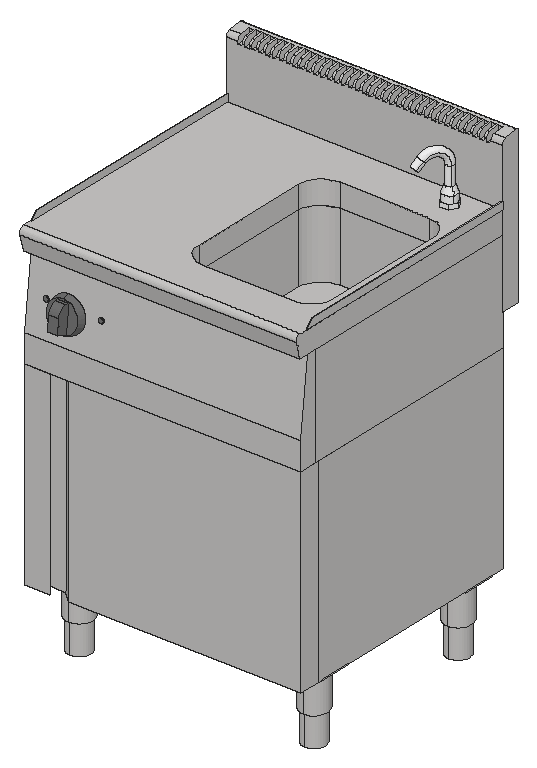
Revit family "QF_GIORIK_LCP6713", category Specialty Equipment, Revit 2014
Parameters (values of type "LCP6713")
  Weight in Pounds = 103.6171
  Watts = 5500 W
  Waste Water Discharge Temperature [instance] = 0 °C
  Volts = 400 V
  URL Cutsheet = "www.giorik.com"
  URL = "www.giorik.com"
  Status [instance] = ""
  Specification by User [instance] = ""
  Specification by Manufacturer = ""
  Show Logo [instance] = yes
  Show Clearance [instance] = yes
  Serial Number = ""
  Seismic Rating = ""
  SMACNA No = ""
  Revision Code [instance] = ""
  Plumbing Remarks [instance] = ""
  Plumbing Connection Type [instance] = ""
  Phase = 3
  Number of Poles [instance] = 3
  NAFEM Spec ID Number = ""
  Model = "LCP6713"
  Min Ckt Ampacity = 0 A
  Max Overcurrent Protection = 0 A
  Masterspec = ""
  Manufacturer = "GIORIK"
  Item Number [instance] = ""
  Installed By [instance] = ""
  Indirect Waste Size = 0"
  Indirect Waste Flow = 0.0 L/s
  Indirect Waste Connection Type [instance] = ""
  Indirect Waste Connection Height [instance] = 0 mm
  Identify Quantity as Lot [instance] = no
  HP = "7.375610000000"
  Furnished By [instance] = ""
  Foodservice Equipment Identifier [instance] = yes
  FL Amps = 0 A
  Electrical Remarks [instance] = ""
  Electric Connection Type [instance] = ""
  Elec Conn RI Height [instance] = 0 mm
  Elec Conn Connection Height [instance] = 605 mm
  Description = "PASTACOOKER ELECTRIC 26 LT"
  Cycle = 50 Hz
  Conn Plug = ""
  Conn Conduit [instance] = no
  CSI MasterFormat = ""
  Assembly Code = "E1090320"
  Apparent Power = 5500 VA
Reference planes
  plane 1 "Back": y = 0
  plane 2: z = 0
  plane 3 "Left": x = 0
  plane 4 "Right": x = 600
  plane 5 "Front": y = -600
  plane 6 "Top": z = 990
Forms (mm)
  Extrusion 1, solid
    sketch origin (0, 1000, -20) x (0, 1, 0) y (0, 0, 1)
      loop
        line (-1040.007, 869.975) -> (-1589.445, 869.975)
        arc (-1589.445, 869.975) -> (-1598.171, 865.672) -> (-1600.069, 856.13) r 10.999
        line (-1600.069, 856.13) -> (-1590.388, 820) -> (-1040.007, 820) -> (-1040.007, 869.975)
    from 0 to 600
  Extrusion 2, solid
    sketch origin (0, 0, 0) x (0, 1, 0) y (0, 0, 1)
      loop
        line (-570.06, 849.975) -> (-40.007, 849.975) -> (-40.007, 864.975) -> (-555.06, 864.975) -> (-570.06, 849.975)
    from 0 to 1.85
  Extrusion 3, solid
    sketch origin (0, 0, 0) x (0, 1, 0) y (0, 0, 1)
      loop
        line (-40.007, 800) -> (-550, 800) -> (-550, 580) -> (-40.007, 580) -> (-40.007, 800)
    from 0 to 600
  Extrusion 4, solid
    sketch origin (0, 0, 0) x (0, 1, 0) y (0, 0, 1)
      loop
        line (-550, 800) -> (-568.5, 800) -> (-588, 640) -> (-588, 580) -> (-550, 580) -> (-550, 800)
    from 0 to 600
  Extrusion 5, solid
    sketch origin (598.094, 0, 0) x (0, 1, 0) y (0, 0, 1)
      loop
        line (-570.06, 849.975) -> (-40.007, 849.975) -> (-40.007, 864.975) -> (-555.06, 864.975) -> (-570.06, 849.975)
    from -0.15 to 1.906
  Extrusion 6, solid
    sketch origin (0, 0, 0) x (0, 1, 0) y (0, 0, 1)
      loop
        line (-40.007, 974.217) -> (-40.007, 650.827) -> (0, 650.827) -> (0, 988.42)
        arc (0, 988.42) -> (-0.57, 989.648) -> (-1.878, 990) r 1.6
        line (-1.878, 990) -> (-31.072, 984.852)
        arc (-31.072, 984.852) -> (-37.477, 981.162) -> (-40.007, 974.217) r 10.797
    from 0 to 600
  Extrusion 7, void
    sketch origin (10, 0, 990) x (0, 1, 0) y (-1, 0, 0)
      loop
        line (-40.007, -25) -> (-9.931, -25) -> (-9.931, -15) -> (-40.007, -15) -> (-40.007, -25)
      loop
        line (-40.007, -40) -> (-9.931, -40) -> (-9.931, -30) -> (-40.007, -30) -> (-40.007, -40)
      loop
        line (-40.007, -55) -> (-9.931, -55) -> (-9.931, -45) -> (-40.007, -45) -> (-40.007, -55)
      loop
        line (-40.007, -70) -> (-9.931, -70) -> (-9.931, -60) -> (-40.007, -60) -> (-40.007, -70)
      loop
        line (-40.007, -85) -> (-9.931, -85) -> (-9.931, -75) -> (-40.007, -75) -> (-40.007, -85)
      loop
        line (-40.007, -100) -> (-9.931, -100) -> (-9.931, -90) -> (-40.007, -90) -> (-40.007, -100)
      loop
        line (-40.007, -115) -> (-9.931, -115) -> (-9.931, -105) -> (-40.007, -105) -> (-40.007, -115)
      loop
        line (-40.007, -130) -> (-9.931, -130) -> (-9.931, -120) -> (-40.007, -120) -> (-40.007, -130)
      loop
        line (-40.007, -145) -> (-9.931, -145) -> (-9.931, -135) -> (-40.007, -135) -> (-40.007, -145)
      loop
        line (-40.007, -160) -> (-9.931, -160) -> (-9.931, -150) -> (-40.007, -150) -> (-40.007, -160)
      loop
        line (-40.007, -175) -> (-9.931, -175) -> (-9.931, -165) -> (-40.007, -165) -> (-40.007, -175)
      loop
        line (-40.007, -190) -> (-9.931, -190) -> (-9.931, -180) -> (-40.007, -180) -> (-40.007, -190)
      loop
        line (-40.007, -205) -> (-9.931, -205) -> (-9.931, -195) -> (-40.007, -195) -> (-40.007, -205)
      loop
        line (-40.007, -220) -> (-9.931, -220) -> (-9.931, -210) -> (-40.007, -210) -> (-40.007, -220)
      loop
        line (-40.007, -235) -> (-9.931, -235) -> (-9.931, -225) -> (-40.007, -225) -> (-40.007, -235)
      loop
        line (-40.007, -250) -> (-9.931, -250) -> (-9.931, -240) -> (-40.007, -240) -> (-40.007, -250)
      loop
        line (-40.007, -265) -> (-9.931, -265) -> (-9.931, -255) -> (-40.007, -255) -> (-40.007, -265)
      loop
        line (-40.007, -280) -> (-9.931, -280) -> (-9.931, -270) -> (-40.007, -270) -> (-40.007, -280)
      loop
        line (-40.007, -295) -> (-9.931, -295) -> (-9.931, -285) -> (-40.007, -285) -> (-40.007, -295)
      loop
        line (-40.007, -310) -> (-9.931, -310) -> (-9.931, -300) -> (-40.007, -300) -> (-40.007, -310)
      loop
        line (-40.007, -325) -> (-9.931, -325) -> (-9.931, -315) -> (-40.007, -315) -> (-40.007, -325)
      loop
        line (-40.007, -340) -> (-9.931, -340) -> (-9.931, -330) -> (-40.007, -330) -> (-40.007, -340)
      loop
        line (-40.007, -355) -> (-9.931, -355) -> (-9.931, -345) -> (-40.007, -345) -> (-40.007, -355)
      loop
        line (-40.007, -370) -> (-9.931, -370) -> (-9.931, -360) -> (-40.007, -360) -> (-40.007, -370)
      loop
        line (-40.007, -385) -> (-9.931, -385) -> (-9.931, -375) -> (-40.007, -375) -> (-40.007, -385)
      loop
        line (-40.007, -400) -> (-9.931, -400) -> (-9.931, -390) -> (-40.007, -390) -> (-40.007, -400)
      loop
        line (-40.007, -415) -> (-9.931, -415) -> (-9.931, -405) -> (-40.007, -405) -> (-40.007, -415)
      loop
        line (-40.007, -430) -> (-9.931, -430) -> (-9.931, -420) -> (-40.007, -420) -> (-40.007, -430)
      loop
        line (-40.007, -445) -> (-9.931, -445) -> (-9.931, -435) -> (-40.007, -435) -> (-40.007, -445)
      loop
        line (-40.007, -460) -> (-9.931, -460) -> (-9.931, -450) -> (-40.007, -450) -> (-40.007, -460)
      loop
        line (-40.007, -475) -> (-9.931, -475) -> (-9.931, -465) -> (-40.007, -465) -> (-40.007, -475)
      loop
        line (-40.007, -490) -> (-9.931, -490) -> (-9.931, -480) -> (-40.007, -480) -> (-40.007, -490)
      loop
        line (-40.007, -505) -> (-9.931, -505) -> (-9.931, -495) -> (-40.007, -495) -> (-40.007, -505)
      loop
        line (-40.007, -520) -> (-9.931, -520) -> (-9.931, -510) -> (-40.007, -510) -> (-40.007, -520)
      loop
        line (-40.007, -535) -> (-9.931, -535) -> (-9.931, -525) -> (-40.007, -525) -> (-40.007, -535)
      loop
        line (-40.007, -550) -> (-9.931, -550) -> (-9.931, -540) -> (-40.007, -540) -> (-40.007, -550)
      loop
        line (-40.007, -565) -> (-9.931, -565) -> (-9.931, -555) -> (-40.007, -555) -> (-40.007, -565)
    from 0 to -20
  Extrusion 8, void
    sketch origin (0, 0, 988.42) x (0, 1, 0) y (-1, 0, 0)
      loop
        arc (-140.007, -325) -> (-154.652, -289.645) -> (-190.007, -275) r 50
        line (-190.007, -275) -> (-460, -275)
        arc (-460, -275) -> (-495.355, -289.645) -> (-510, -325) r 50
        line (-510, -325) -> (-510, -520)
        arc (-510, -520) -> (-495.355, -555.355) -> (-460, -570) r 50
        line (-460, -570) -> (-190.007, -570)
        arc (-190.007, -570) -> (-154.652, -555.355) -> (-140.007, -520) r 50
        line (-140.007, -520) -> (-140.007, -325)
    from -97.843 to -338
  Extrusion 9, solid
    sketch origin (-25, 1016.81, 0) x (1, 0, 0) y (0, 1, 0)
      loop
        line (25, -1086.81) -> (25, -1156.81) -> (115, -1156.81) -> (115, -1086.81) -> (25, -1086.81)
    from 148 to 150
  Extrusion 10, solid
    sketch origin (0, -40.007, 0) x (1, 0, 0) y (0, 1, 0)
      loop
        line (40, -40) -> (40, -502.993) -> (560, -502.993) -> (560, -40) -> (40, -40)
    from 150 to 190
  Extrusion 11, solid
    sketch origin (625, 1016.81, 0) x (-1, 0, 0) y (0, -1, 0)
      loop
        line (25, 1086.81) -> (115, 1086.81) -> (115, 1156.81) -> (25, 1156.81) -> (25, 1086.81)
    from 148 to 150
  Extrusion 12, solid
    sketch origin (0, -40.007, 549.548) x (1, 0, 0) y (0, 1, 0)
      loop
        line (0, -502.993) -> (40, -502.993) -> (40, -40) -> (560, -40) -> (560, -502.993) -> (600, -502.993) -> (600, 0) -> (0, 0) -> (0, -502.993)
    from -399.548 to 30.452
  Extrusion 13, solid
    sketch origin (-25, 625.81, 0) x (1, 0, 0) y (0, 1, 0)
      loop
        line (25, -1086.81) -> (25, -1156.81) -> (115, -1156.81) -> (115, -1086.81) -> (25, -1086.81)
    from 148 to 150
  Revolve 14, solid
    sketch origin (45, 625.81, 0) x (0, 1, 0) y (0, 0, 1)
      loop
        line (-1092.56, 66) -> (-1092.56, 148) -> (-1121.81, 148) -> (-1121.81, 0) -> (-1096.81, 0) -> (-1096.81, 66) -> (-1092.56, 66)
      axis (-1121.81, 0) -> (-1121.81, 148)
    angle from 0 to 360
  Extrusion 15, solid
    sketch origin (625, 625.81, 0) x (-1, 0, 0) y (0, -1, 0)
      loop
        line (25, 1086.81) -> (115, 1086.81) -> (115, 1156.81) -> (25, 1156.81) -> (25, 1086.81)
    from 148 to 150
  Revolve 16, solid
    sketch origin (555, 625.81, 0) x (0, 1, 0) y (0, 0, 1)
      loop
        line (-1092.56, 66) -> (-1092.56, 148) -> (-1121.81, 148) -> (-1121.81, 0) -> (-1096.81, 0) -> (-1096.81, 66) -> (-1092.56, 66)
      axis (-1121.81, 0) -> (-1121.81, 148)
    angle from 0 to 360
  Revolve 17, solid
    sketch origin (555, 1016.81, 0) x (0, 1, 0) y (0, 0, 1)
      loop
        line (-1092.56, 66) -> (-1092.56, 148) -> (-1121.81, 148) -> (-1121.81, 0) -> (-1096.81, 0) -> (-1096.81, 66) -> (-1092.56, 66)
      axis (-1121.81, 0) -> (-1121.81, 148)
    angle from 0 to 360
  Revolve 18, solid
    sketch origin (45, 1016.81, 0) x (0, 1, 0) y (0, 0, 1)
      loop
        line (-1092.56, 66) -> (-1092.56, 148) -> (-1121.81, 148) -> (-1121.81, 0) -> (-1096.81, 0) -> (-1096.81, 66) -> (-1092.56, 66)
      axis (-1121.81, 0) -> (-1121.81, 148)
    angle from 0 to 360
  Extrusion 19, solid, visible <- "Show Clearance", detail levels coarse
    sketch origin (400, -628, -40) x (-1, 0, 0) y (0, -1, 0)
      loop
        line (-200, -40) -> (399.723, -40)
        arc (399.723, -40) -> (223.778, 382.395) -> (-200, 554.981) r 595
        line (-200, 554.981) -> (-200, -40)
    from 190 to 620
  Revolve 20, solid
    sketch origin (100, 2.254, 14.615) x (0, 1, 0) y (0, 0, 1)
      loop
        line (-598.03, 706.389) -> (-594.27, 737.013) -> (-609.648, 734.852) -> (-613.772, 701.269) -> (-581.482, 697.305) -> (-580.629, 704.252) -> (-598.03, 706.389)
      axis (-581.482, 697.305) -> (-613.772, 701.269)
    angle from 0 to 360
  Extrusion 21, solid
    sketch origin (-62.986, 2.254, 14.615) x (0, 1, 0) y (0, 0, 1)
      loop
        line (-635.843, 711.553) -> (-639.647, 680.575) -> (-617.415, 671.593) -> (-610.135, 730.882) -> (-617.934, 729.786)
        arc (-617.934, 729.786) -> (-629.982, 723.708) -> (-635.843, 711.553) r 20.998
    from 151.831 to 173.831
  Extrusion 22, solid
    sketch origin (48.845, -595.735, 575.894) x (1, 0, 0) y (0, 0.120454, 0.992719)
      loop
        circle (111, 140.949) r 5
    from 0 to 0.966
  Extrusion 23, solid
    sketch origin (-49, -595.735, 575.894) x (1, 0, 0) y (0, 0.120454, 0.992719)
      loop
        circle (89, 140.949) r 5
    from 0 to 0.966
  Extrusion 24, solid
    sketch origin (251.886, 0, -25.838) x (1, 0, 0) y (0, 0, 1)
      loop
        circle (-41.886, 631.654) r 15
    from 12.413 to 40.007
  Extrusion 25, solid
    sketch origin (0, 0, 990) x (0, 1, 0) y (-1, 0, 0)
      loop
        line (-543, 0) -> (-588, 0) -> (-588, -55) -> (-565, -32) -> (-565, -72) -> (-588, -95) -> (-588, -600) -> (-543, -600) -> (-543, 0)
    from -840 to -410
  Revolve 26, solid
    sketch origin (-33.875, 173.59, -20.025) x (0.898794, -0.438371, 0) y (0, 0, 1)
      loop
        line (635, 895) -> (650, 895) -> (650, 910) -> (645, 925) -> (635, 925) -> (635, 895)
      axis (635, 925) -> (635, 895)
    angle from 0 to 360
  Sweep 27, solid
    path origin (640.753, 108.239, -20.025) x (0.438371, 0.898794, 0) y (0, 0, 1)
      loop
        line (-237, 925) -> (-237, 966.382)
        arc (-237, 966.382) -> (-256.494, 994.482) -> (-289.641, 986.064) r 30
        line (-289.641, 986.064) -> (-302.762, 970.969)
    profile origin (536.859, -104.775, 925.666) x (-0.438371, -0.898794, 0) y (0.898794, -0.438371, 0)
      loop
        circle (0, 0) r 9
  Extrusion 28, solid
    sketch origin (-513.34, 1014.399, 879.975) x (-0.779686, 0.626171, 0) y (-0.626171, -0.779686, 0)
      loop
        line (-1502.427, 209.668) -> (-1506.406, 227.223) -> (-1523.598, 232.555) -> (-1536.811, 220.332) -> (-1532.833, 202.777) -> (-1515.641, 197.445) -> (-1502.427, 209.668)
    from -15 to -5
  Extrusion 29, solid
    sketch origin (0, 0, 990) x (0, 1, 0) y (-1, 0, 0)
      loop
        circle (-386, -34.85) r 12.5
    from -840 to -860
Cuts and joins
  Extrusion 7 cuts Extrusion 6
  Extrusion 8 cuts Extrusion 1
  Extrusion 8 cuts Extrusion 3
Lines and regions (mm)
  symbolic lines, style "200-EquipInternal-2D"
    curve 1: line (25, -9.931, 290) -> (25, -40.007, 290)
    curve 2: line (35, -40.007, 290) -> (35, -9.931, 290)
    curve 3: line (40, -9.931, 290) -> (40, -40.007, 290)
    curve 4: line (50, -40.007, 290) -> (50, -9.931, 290)
    curve 5: line (55, -9.931, 290) -> (55, -40.007, 290)
    curve 6: line (65, -40.007, 290) -> (65, -9.931, 290)
    curve 7: line (85, -9.931, 290) -> (85, -40.007, 290)
    curve 8: line (95, -40.007, 290) -> (95, -9.931, 290)
    curve 9: line (100, -9.931, 290) -> (100, -40.007, 290)
    curve 10: line (110, -40.007, 290) -> (110, -9.931, 290)
    curve 11: line (140, -40.007, 290) -> (140, -9.931, 290)
    curve 12: line (130, -9.931, 290) -> (130, -40.007, 290)
    curve 13: line (155, -40.007, 290) -> (155, -9.931, 290)
    curve 14: line (160, -9.931, 290) -> (160, -40.007, 290)
    curve 15: line (170, -40.007, 290) -> (170, -9.931, 290)
    curve 16: line (145, -9.931, 290) -> (145, -40.007, 290)
    curve 17: line (200, -40.007, 290) -> (200, -9.931, 290)
    curve 18: line (190, -9.931, 290) -> (190, -40.007, 290)
    curve 19: line (205, -9.931, 290) -> (205, -40.007, 290)
    curve 20: line (215, -40.007, 290) -> (215, -9.931, 290)
    curve 21: line (220, -9.931, 290) -> (220, -40.007, 290)
    curve 22: line (230, -40.007, 290) -> (230, -9.931, 290)
    curve 23: line (250, -9.931, 290) -> (250, -40.007, 290)
    curve 24: line (260, -40.007, 290) -> (260, -9.931, 290)
    curve 25: line (265, -9.931, 290) -> (265, -40.007, 290)
    curve 26: line (275, -40.007, 290) -> (275, -9.931, 290)
    curve 27: line (280, -9.931, 290) -> (280, -40.007, 290)
    curve 28: line (290, -40.007, 290) -> (290, -9.931, 290)
    curve 29: line (320, -40.007, 290) -> (320, -9.931, 290)
    curve 30: line (310, -9.931, 290) -> (310, -40.007, 290)
    curve 31: line (335, -40.007, 290) -> (335, -9.931, 290)
    curve 32: line (325, -9.931, 290) -> (325, -40.007, 290)
    curve 33: line (340, -9.931, 290) -> (340, -40.007, 290)
    curve 34: line (350, -40.007, 290) -> (350, -9.931, 290)
    curve 35: line (370, -9.931, 290) -> (370, -40.007, 290)
    curve 36: line (380, -40.007, 290) -> (380, -9.931, 290)
    curve 37: line (385, -9.931, 290) -> (385, -40.007, 290)
    curve 38: line (395, -9.931, 290) -> (385, -9.931, 290)
    curve 39: line (380, -9.931, 290) -> (370, -9.931, 290)
    curve 40: line (350, -9.931, 290) -> (340, -9.931, 290)
    curve 41: line (335, -9.931, 290) -> (325, -9.931, 290)
    curve 42: line (320, -9.931, 290) -> (310, -9.931, 290)
    curve 43: line (275, -9.931, 290) -> (265, -9.931, 290)
    curve 44: line (110, -9.931, 290) -> (100, -9.931, 290)
    curve 45: line (95, -9.931, 290) -> (85, -9.931, 290)
    curve 46: line (65, -9.931, 290) -> (55, -9.931, 290)
    curve 47: line (35, -9.931, 290) -> (25, -9.931, 290)
    curve 48: line (140, -9.931, 290) -> (130, -9.931, 290)
    curve 49: line (155, -9.931, 290) -> (145, -9.931, 290)
    curve 50: line (170, -9.931, 290) -> (160, -9.931, 290)
    curve 51: line (200, -9.931, 290) -> (190, -9.931, 290)
    curve 52: line (215, -9.931, 290) -> (205, -9.931, 290)
    curve 53: line (230, -9.931, 290) -> (220, -9.931, 290)
    curve 54: line (260, -9.931, 290) -> (250, -9.931, 290)
    curve 55: line (50, -9.931, 290) -> (40, -9.931, 290)
    curve 56: line (70, -9.931, 990) -> (70, -40.007, 990)
    curve 57: line (80, -40.007, 990) -> (80, -9.931, 990)
    curve 58: line (80, -9.931, 990) -> (70, -9.931, 990)
    curve 59: line (175, -9.931, 990) -> (175, -40.007, 990)
    curve 60: line (185, -40.007, 990) -> (185, -9.931, 990)
    curve 61: line (185, -9.931, 990) -> (175, -9.931, 990)
    curve 62: line (235, -9.931, 990) -> (235, -40.007, 990)
    curve 63: line (245, -40.007, 990) -> (245, -9.931, 990)
    curve 64: line (245, -9.931, 990) -> (235, -9.931, 990)
    curve 65: line (290, -9.931, 990) -> (280, -9.931, 990)
    curve 66: line (305, -9.931, 990) -> (295, -9.931, 990)
    curve 67: line (295, -9.931, 990) -> (295, -40.007, 990)
    curve 68: line (305, -40.007, 990) -> (305, -9.931, 990)
    curve 69: line (355, -9.931, 990) -> (355, -40.007, 990)
    curve 70: line (365, -40.007, 990) -> (365, -9.931, 990)
    curve 71: line (365, -9.931, 990) -> (355, -9.931, 990)
    curve 72: line (395, -40.007, 990) -> (395, -9.931, 990)
    curve 73: line (400, -9.931, 990) -> (400, -40.007, 990)
    curve 74: line (410, -40.007, 990) -> (410, -9.931, 990)
    curve 75: line (410, -9.931, 990) -> (400, -9.931, 990)
    curve 76: line (425, -9.931, 990) -> (415, -9.931, 990)
    curve 77: line (415, -9.931, 990) -> (415, -40.007, 990)
    curve 78: line (425, -40.007, 990) -> (425, -9.931, 990)
    curve 79: line (430, -9.931, 990) -> (430, -40.007, 990)
    curve 80: line (440, -40.007, 990) -> (440, -9.931, 990)
    curve 81: line (440, -9.931, 990) -> (430, -9.931, 990)
    curve 82: line (445, -9.931, 990) -> (445, -40.007, 990)
    curve 83: line (455, -40.007, 990) -> (455, -9.931, 990)
    curve 84: line (460, -9.931, 990) -> (460, -40.007, 990)
    curve 85: line (470, -40.007, 990) -> (470, -9.931, 990)
    curve 86: line (475, -9.931, 990) -> (475, -40.007, 990)
    curve 87: line (485, -40.007, 990) -> (485, -9.931, 990)
    curve 88: line (490, -9.931, 990) -> (490, -40.007, 990)
    curve 89: line (500, -40.007, 990) -> (500, -9.931, 990)
    curve 90: line (505, -9.931, 990) -> (505, -40.007, 990)
    curve 91: line (515, -40.007, 990) -> (515, -9.931, 990)
    curve 92: line (520, -9.931, 990) -> (520, -40.007, 990)
    curve 93: line (530, -40.007, 990) -> (530, -9.931, 990)
    curve 94: line (535, -9.931, 990) -> (535, -40.007, 990)
    curve 95: line (545, -40.007, 990) -> (545, -9.931, 990)
    curve 96: line (550, -9.931, 990) -> (550, -40.007, 990)
    curve 97: line (560, -40.007, 990) -> (560, -9.931, 990)
    curve 98: line (565, -9.931, 990) -> (565, -40.007, 990)
    curve 99: line (455, -9.931, 990) -> (445, -9.931, 990)
    curve 100: line (470, -9.931, 990) -> (460, -9.931, 990)
    curve 101: line (485, -9.931, 990) -> (475, -9.931, 990)
    curve 102: line (500, -9.931, 990) -> (490, -9.931, 990)
    curve 103: line (515, -9.931, 990) -> (505, -9.931, 990)
    curve 104: line (530, -9.931, 990) -> (520, -9.931, 990)
    curve 105: line (545, -9.931, 990) -> (535, -9.931, 990)
    curve 106: line (560, -9.931, 990) -> (550, -9.931, 990)
    curve 107: line (575, -9.931, 990) -> (565, -9.931, 990)
    curve 108: line (575, -40.007, 990) -> (575, -9.931, 990)
    curve 109: line (125, -9.931, 990) -> (115, -9.931, 990)
    curve 110: line (115, -9.931, 990) -> (115, -40.007, 990)
    curve 111: line (125, -40.007, 990) -> (125, -9.931, 990)
    curve 115: line (597.944, -570.06, 990) -> (600, -570.06, 990)
    curve 116: line (597.944, -40.007, 990) -> (597.944, -570.06, 990)
    curve 117: line (570, -60, 990) -> (30, -60, 990)
    curve 118: arc (580, -70, 990) -> (577.071, -62.929, 990) -> (570, -60, 990) r 10
    curve 119: line (580, -510, 990) -> (580, -70, 990)
    curve 120: line (20, -70, 990) -> (20, -510, 990)
    curve 121: arc (30, -60, 990) -> (22.929, -62.929, 990) -> (20, -70, 990) r 10
    curve 122: arc (20, -510, 990) -> (22.929, -517.071, 990) -> (30, -520, 990) r 10
    curve 123: line (30, -520, 990) -> (570, -520, 990)
    curve 124: arc (570, -520, 990) -> (577.071, -517.071, 990) -> (580, -510, 990) r 10
    curve 125: line (0, -570.06, 990) -> (1.85, -570.06, 990)
    curve 126: line (1.85, -570.06, 990) -> (1.85, -40.007, 990)
    curve 127: line (1.85, -40.007, 990) -> (597.944, -40.007, 990)
    curve 129: line (275, -190.007, 990) -> (275, -460, 990)
    curve 130: arc (275, -460, 990) -> (289.645, -495.355, 990) -> (325, -510, 990) r 50
    curve 131: line (325, -510, 990) -> (520, -510, 990)
    curve 132: arc (520, -510, 990) -> (555.355, -495.355, 990) -> (570, -460, 990) r 50
    curve 133: line (570, -460, 990) -> (570, -190.007, 990)
    curve 134: arc (325, -140.007, 990) -> (289.645, -154.652, 990) -> (275, -190.007, 990) r 50
    curve 135: line (510, -140, 990) -> (325, -140, 990)
    curve 136: arc (529.265, -140.873, 990) -> (558.242, -157.796, 990) -> (569.994, -189.226, 990) r 50
    curve 137: arc (528.756, -100.859, 990) -> (540.854, -96.746, 990) -> (544.871, -108.876, 990) r 9
    curve 138: line (500.278, -159.247, 990) -> (528.756, -100.859, 990)
    curve 139: line (544.871, -108.876, 990) -> (516.455, -167.138, 990)
    curve 141: spline (516.12, -167.827, 990) -> (515.074, -169.273, 990) -> (513.547, -170.351, 990) -> (511.645, -170.989, 990) -> (509.497, -171.142, 990) -> (507.248, -170.8, 990) -> (505.053, -169.987, 990) -> (503.061, -168.758, 990) -> (501.407, -167.197, 990) -> (500.205, -165.409, 990) -> (499.537, -163.518, 990) -> (499.447, -161.651, 990) -> (499.942, -159.937, 990)
    curve 142: line (518.903, -106.031, 990) -> (523.157, -112.338, 990)
    curve 143: arc (523.377, -98.2, 990) -> (521.86, -104.923, 990) -> (523.51, -111.616, 990) r 15
    curve 144: arc (550.341, -111.351, 990) -> (543.435, -91.293, 990) -> (523.377, -98.2, 990) r 15
    curve 145: line (546.925, -119.698, 990) -> (554.815, -103.52, 990)
    curve 146: line (526.794, -89.853, 990) -> (518.903, -106.031, 990)
    curve 147: line (544.75, -88.597, 990) -> (526.794, -89.853, 990)
    curve 148: line (554.815, -103.52, 990) -> (544.75, -88.597, 990)
    curve 149: line (539.334, -120.229, 990) -> (546.925, -119.698, 990)
    curve 150: arc (539.687, -119.506, 990) -> (545.977, -116.686, 990) -> (550.341, -111.351, 990) r 15
  symbolic lines, style "200-EquipBorder-2D"
    curve 112: line (600, 0, 990) -> (0, 0, 990)
    curve 113: line (600, -600, 990) -> (600, 0, 990)
    curve 114: line (0, 0, 990) -> (0, -600, 990)
    curve 140: line (0, -600, 990) -> (600, -600, 990)
    curve 151: spline (88.845, -615.405, 990) -> (85.633, -615.244, 990) -> (82.575, -615.044, 990) -> (79.7, -614.806, 990) -> (77.04, -614.534, 990) -> (74.624, -614.231, 990) -> (72.475, -613.898, 990) -> (70.617, -613.541, 990) -> (69.069, -613.162, 990) -> (67.848, -612.766, 990) -> (66.967, -612.357, 990) -> (66.434, -611.939, 990) -> (66.256, -611.516, 990)
    curve 152: spline (133.918, -611.61, 990) -> (133.664, -612.029, 990) -> (133.063, -612.442, 990) -> (132.12, -612.845, 990) -> (130.845, -613.235, 990) -> (129.252, -613.607, 990) -> (127.357, -613.958, 990) -> (125.18, -614.283, 990) -> (122.743, -614.579, 990) -> (120.071, -614.844, 990) -> (117.193, -615.074, 990) -> (114.137, -615.267, 990) -> (110.936, -615.422, 990)
    curve 153: line (66.256, -611.516, 990) -> (63.076, -600, 990)
    curve 154: line (133.918, -611.61, 990) -> (136.953, -600, 990)
    curve 155: line (88.845, -637.393, 430) -> (88.845, -607.882, 430)
    curve 156: line (88.845, -637.393, 430) -> (110.845, -637.393, 430)
    curve 157: line (110.845, -637.393, 430) -> (110.845, -607.882, 430)
    curve 158: spline (66.256, -611.516, 430) -> (67.408, -610.466, 430) -> (70.786, -609.488, 430) -> (76.158, -608.649, 430) -> (83.16, -608.004, 430) -> (91.314, -607.599, 430) -> (100.065, -607.461, 430) -> (108.815, -607.599, 430) -> (116.969, -608.004, 430) -> (123.971, -608.649, 430) -> (129.344, -609.488, 430) -> (132.721, -610.466, 430) -> (133.873, -611.516, 430)
    curve 159: line (88.845, -607.882, 430) -> (110.845, -607.882, 430)
  symbolic lines, style "QF_Door-Drawer Clearances", visible <- "Show Clearance", detail levels coarse
    curve 128: line (600, -600, 0) -> (600, -1182.981, 0)
    curve 160: arc (0.665, -600, 990) -> (180.549, -1014.634, 990) -> (600, -1182.981, 990) r 594.557
Dimensions and locks
  plane 3 "Left" to plane 4 "Right" = 600 mm
  plane 5 "Front" to plane 1 "Back" = 600 mm
  locked: plane 4 "Right" to plane 3 "Left" at 600
  plane 1 "Back" to plane 5 "Front" = 600 mm
  plane 6 "Top" to level = 990 mm  (x2)
  aligned and locked: level to plane 2
Connectors
  electrical at (210, -12.413, 605.816), driven by "Apparent Power", driven by "Volts", driven by "Number of Poles"
    settings: on Extrusion 24, index 1, voltage 400 V, apparent load 0 VA, apparent load phase1 5500 VA, apparent load phase2 0 VA, apparent load phase3 0 VA, power factor 1, load classification "Other", number of poles 3, system type 31, power factor state 1, is connector primary yes, connector utility no, sub classification motor no, connector description "Electrical connection"
  piping at (34.85, -386, 130), diameter 25.4
    settings: on Extrusion 29, index 2, connector inside diameter 24", connector length 0 mm, flow factor 0, pipe flow 0.0 L/s, pressure drop 0.0 Pa, fitting loss kfactor 0, connector angle 0.00°, fixture units 0, engagement length 0 mm, angle of deflection 0.00°, flow configuration 1, flow direction 1, fitting loss method 0, system type 20, joint type 0, gender type 0, connector reference index -1, connector utility 0, adjustable connector no, is connector primary yes, connector description "Water Inlet"
